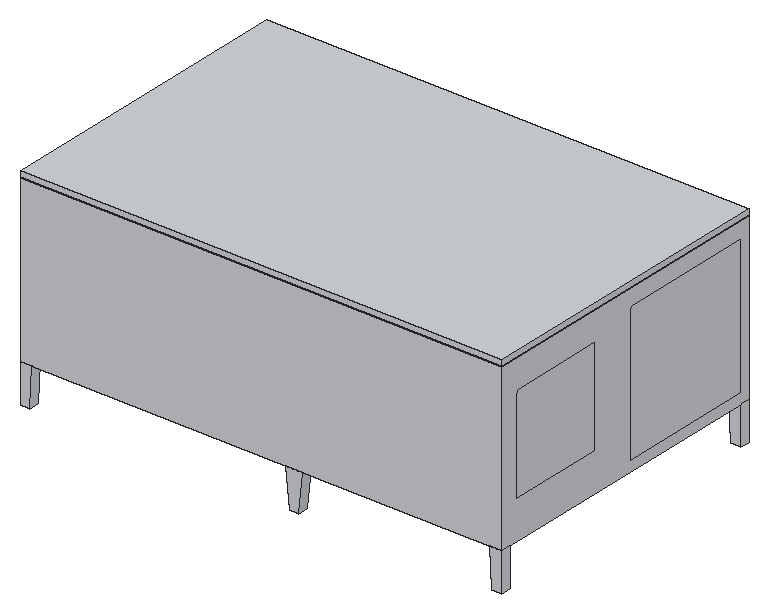
Revit family "AHU 1 _1", category Mechanické zařízení, Revit 2018
Family settings
  Kóta kulaté spojky = Použít průměr
  Typ dílu = Normální
  Číslo OmniClass = 23.75.00.00
  Nadpis OmniClass = Climate Control (HVAC)
  Založené na pracovní rovině = Ne
  Vždy vertikální = Ano
  Ořezat dutým tvarem při načtení = Ne
  Sdílené = Ne
  Bod výpočtu místnosti = Ne
Parameters (values of type "DUPLEXVENT 5000 Multi")
  Width [instance] = 1.6 mm
  Weight [instance] = 422.00 kg
  URL = ""
  Type [instance] = "DUPLEXVENT 5000 Multi"
  Total_SFP [instance] = 0
  Supply_outlet_hum [instance] = 90
  Supply_inlet_hum [instance] = 90
  Supply_ext_pressure [instance] = 0.0 Pa
  Supply_SFP [instance] = 0
  Source_adu_file [instance] = ""
  Recuperation_type [instance] = "Plate heat recovery exchanger"
  Recuperation_efficiency_EN308 [instance] = 0
  Project_name [instance] = ""
  Project_date [instance] = "9.8.2023"
  Power_supply_fusing [instance] = "0"
  Power_supply_cable [instance] = "0"
  Position [instance] = "AHU 1 "
  Phases_count [instance] = 3
  Panel_thickness [instance] = 0.06 mm
  Outer_surface [instance] = "RAL 9002"
  Length [instance] = 2.5 mm
  Insulation_type [instance] = "PUR"
  Insulation_thickness [instance] = 0.05 mm
  Installation_environment [instance] = ""
  Input_power_max [instance] = 6600 W
  Inner_surface [instance] = "Pozink"
  I2 [instance] = I1  # 0.0 L/s
  Height [instance] = 0.885 mm
  Exhaust_outlet_hum [instance] = 0
  Exhaust_inlet_hum [instance] = 40
  Exhaust_ext_pressure [instance] = 0.0 Pa
  Exhaust_SFP [instance] = 0
  E1 [instance] = E2 - M1  # 0.0 L/s
  E2 [instance] = 0.0 L/s
  I1 [instance] = 0.0 L/s
  Description = ""
  M1 [instance] = 0.0 L/s
  Device_dutypoint_version [instance] = "1"
  Device_design_version [instance] = "13"
  Device_adu_id [instance] = "1"
  Current_max [instance] = 10.8 A
  Casing_mat [instance] = "painted zinc layer"
  Cable type [instance] = "CYKY 5Jx2,5"
Reference planes
  plane 1 "Střed (vpředu/vzadu)": y = 0
  plane 2 "ref": z = 0
  plane 3 "Střed (vlevo/vpravo)": x = 0
Forms (mm)
  Sweep 1, solid
    path origin (0, 0, -855) x (0, 0, 1) y (1, 0, 0)
      loop
        line (0, 0) -> (855, 0)
    profile origin (0, 0, -855) x (1, 0, 0) y (0, 1, 0)
      loop
        line (0, 0) -> (2500, 0) -> (2500, 1600) -> (0, 1600) -> (0, 0)
  Sweep 2, solid
    path origin (0, 0, 0) x (0, 0, 1) y (1, 0, 0)
      loop
        line (0, 0) -> (30, 0)
    profile origin (0, 0, 0) x (1, 0, 0) y (0, 1, 0)
      loop
        line (0, 0) -> (2500, 0) -> (2500, 1600) -> (0, 1600) -> (0, 0)
  Sweep 3, solid
    path origin (1, 350, -405) x (0, 1, 0) y (-1, 0, 0)
      loop
        line (0, 0) -> (0, 1)
    profile origin (1, 350, -405) x (0, -1, 0) y (0, 0, 1)
      loop
        line (-250, 250) -> (-250, -250) -> (250, -250) -> (250, 250) -> (-250, 250)
  Sweep 4, solid
    path origin (2499, 1190, -445) x (1, 0, 0) y (0, 1, 0)
      loop
        line (0, 0) -> (1, 0)
    profile origin (2499, 1190, -445) x (0, 1, 0) y (0, 0, 1)
      loop
        line (355, 355) -> (-355, 355) -> (-355, -355) -> (355, -355) -> (355, 355)
  Sweep 5, solid
    path origin (2499, 350, -405) x (1, 0, 0) y (0, 1, 0)
      loop
        line (0, 0) -> (1, 0)
    profile origin (2499, 350, -405) x (0, 1, 0) y (0, 0, 1)
      loop
        line (250, 250) -> (-250, 250) -> (-250, -250) -> (250, -250) -> (250, 250)
  Sweep 6, solid
    path origin (1, 1190, -445) x (0, 1, 0) y (-1, 0, 0)
      loop
        line (0, 0) -> (0, 1)
    profile origin (1, 1190, -445) x (0, -1, 0) y (0, 0, 1)
      loop
        line (-355, 355) -> (-355, -355) -> (355, -355) -> (355, 355) -> (-355, 355)
  Sweep 7, solid
    path origin (504, 1508, -855) x (0, -1, 0) y (0, 0, 1)
      loop
        line (0, 0) -> (0, -150)
    profile origin (504, 1508, -855) x (-1, 0, 0) y (0, -1, 0)
      loop
        circle (0, 0) r 21
  Sweep 8, solid
    path origin (1308, 1508, -855) x (0, -1, 0) y (0, 0, 1)
      loop
        line (0, 0) -> (0, -150)
    profile origin (1308, 1508, -855) x (-1, 0, 0) y (0, -1, 0)
      loop
        circle (0, 0) r 21
  Sweep 9, solid
    path origin (0, 0, 5) x (0, 0, 1) y (1, 0, 0)
      loop
        line (0, 0) -> (25, 0)
    profile origin (0, 0, 5) x (1, 0, 0) y (0, 1, 0)
      loop
        line (0, 0) -> (2500, 0) -> (2500, 1600) -> (0, 1600) -> (0, 0)
  Sweep 10, solid
    path origin (25, 50, -855) x (1, 0, 0) y (0, 1, 0)
      loop
        line (0, 0) -> (0, -50)
    profile origin (25, 50, -855) x (1, 0, 0) y (0, 0, 1)
      loop
        line (-25, 0) -> (-25, -200) -> (25, -200) -> (35, 0) -> (-25, 0)
  Sweep 11, solid
    path origin (2475, 50, -855) x (1, 0, 0) y (0, 1, 0)
      loop
        line (0, 0) -> (0, -50)
    profile origin (2475, 50, -855) x (1, 0, 0) y (0, 0, 1)
      loop
        line (-35, 0) -> (-25, -200) -> (25, -200) -> (25, 0) -> (-35, 0)
  Sweep 12, solid
    path origin (25, 1600, -855) x (1, 0, 0) y (0, 1, 0)
      loop
        line (0, 0) -> (0, -50)
    profile origin (25, 1600, -855) x (1, 0, 0) y (0, 0, 1)
      loop
        line (-25, 0) -> (-25, -200) -> (25, -200) -> (35, 0) -> (-25, 0)
  Sweep 13, solid
    path origin (2475, 1600, -855) x (1, 0, 0) y (0, 1, 0)
      loop
        line (0, 0) -> (0, -50)
    profile origin (2475, 1600, -855) x (1, 0, 0) y (0, 0, 1)
      loop
        line (-35, 0) -> (-25, -200) -> (25, -200) -> (25, 0) -> (-35, 0)
  Sweep 14, solid
    path origin (1422, 50, -855) x (1, 0, 0) y (0, 1, 0)
      loop
        line (0, 0) -> (0, -50)
    profile origin (1422, 50, -855) x (1, 0, 0) y (0, 0, 1)
      loop
        line (-45, 0) -> (-25, -200) -> (25, -200) -> (45, 0) -> (-45, 0)
  Sweep 15, solid
    path origin (1162, 1600, -855) x (1, 0, 0) y (0, 1, 0)
      loop
        line (0, 0) -> (0, -50)
    profile origin (1162, 1600, -855) x (1, 0, 0) y (0, 0, 1)
      loop
        line (-45, 0) -> (-25, -200) -> (25, -200) -> (45, 0) -> (-45, 0)
  Sweep 16, solid
    path origin (1292, 830, -855) x (1, 0, 0) y (0, 1, 0)
      loop
        line (0, 0) -> (0, -50)
    profile origin (1292, 830, -855) x (1, 0, 0) y (0, 0, 1)
      loop
        line (-45, 0) -> (-25, -200) -> (25, -200) -> (45, 0) -> (-45, 0)
  Sweep 17, solid
    path origin (0, 0, -778) x (0, 0, 1) y (1, 0, 0)
      loop
        line (0, 0) -> (305, 0)
    profile origin (0, 0, -778) x (1, 0, 0) y (0, 1, 0)
      loop
        line (675, 1600) -> (1080, 1600) -> (1080, 1690) -> (675, 1690) -> (675, 1600)
  Sweep 18, solid
    path origin (675, 1645, -625) x (0, 0, -1) y (1, 0, 0)
      loop
        line (0, 0) -> (0, -1)
    profile origin (675, 1645, -625) x (0, 0, -1) y (0, -1, 0)
      loop
        circle (0, 0) r 10
Lines and regions (mm)
  model lines, style "Symbol"
    curve 1: line (1025, 0, 30) -> (1025, 320, 30)
    curve 2: line (1025, 1600, 30) -> (1025, 1280, 30)
    curve 3: line (0, 800, 30) -> (545, 800, 30)
    curve 4: line (2500, 800, 30) -> (1505, 800, 30)
    curve 5: line (545, 800, 30) -> (785, 1280, 30)
    curve 6: line (785, 1280, 30) -> (1265, 1280, 30)
    curve 7: line (1265, 1280, 30) -> (1505, 800, 30)
    curve 8: line (1505, 800, 30) -> (1265, 320, 30)
    curve 9: line (1265, 320, 30) -> (1025, 320, 30)
    curve 10: line (1025, 320, 30) -> (785, 320, 30)
    curve 11: line (785, 320, 30) -> (545, 800, 30)
    curve 12: line (2148, 1314, 30) -> (2404, 1270, 30)
    curve 13: line (2148, 1086, 30) -> (2404, 1130, 30)
    curve 14: line (352, 1086, 30) -> (96, 1130, 30)
    curve 15: line (352, 1314, 30) -> (96, 1270, 30)
    curve 16: line (50, 160, 30) -> (50, 640, 30)
    curve 17: line (50, 640, 30) -> (200, 640, 30)
    curve 18: line (200, 640, 30) -> (200, 160, 30)
    curve 19: line (200, 160, 30) -> (50, 160, 30)
    curve 20: line (125, 160, 30) -> (200, 400, 30)
    curve 21: line (125, 640, 30) -> (200, 400, 30)
    curve 22: line (2450, 640, 30) -> (2450, 160, 30)
    curve 23: line (2450, 160, 30) -> (2300, 160, 30)
    curve 24: line (2300, 160, 30) -> (2300, 640, 30)
    curve 25: line (2300, 640, 30) -> (2450, 640, 30)
    curve 26: line (2375, 640, 30) -> (2300, 400, 30)
    curve 27: line (2375, 160, 30) -> (2300, 400, 30)
    curve 28: line (698, 280, 30) -> (480, 708, 30)
    curve 29: line (480, 708, 30) -> (552, 744, 30)
    curve 30: line (552, 744, 30) -> (770, 316, 30)
    curve 31: line (770, 316, 30) -> (698, 280, 30)
    curve 32: line (567, 554, 30) -> (595, 641, 30)
    curve 33: line (655, 383, 30) -> (683, 470, 30)
    curve 34: line (476, 1508, -855) -> (532, 1508, -855)
    curve 35: line (504, 1480, -855) -> (504, 1536, -855)
    curve 36: line (1280, 1508, -855) -> (1336, 1508, -855)
    curve 37: line (1308, 1480, -855) -> (1308, 1536, -855)
    curve 38: line (0, 0, 1330) -> (0, 0, 30)
    curve 39: line (2500, 0, 1330) -> (2500, 0, 30)
    curve 40: line (0, 0, 1330) -> (2500, 0, 1330)
    curve 41: line (0, 1600, 1330) -> (0, 1600, 30)
    curve 42: line (2500, 1600, 1330) -> (2500, 1600, 30)
    curve 43: line (0, 1600, 1330) -> (2500, 1600, 1330)
    curve 44: line (0, 0, 1330) -> (0, 1600, 1330)
    curve 45: line (2500, 0, 1330) -> (2500, 1600, 1330)
    curve 46: line (0, 1400, 1330) -> (200, 1600, 1330)
    curve 47: line (0, 1200, 1330) -> (400, 1600, 1330)
    curve 48: line (0, 1000, 1330) -> (600, 1600, 1330)
    curve 49: line (0, 800, 1330) -> (800, 1600, 1330)
    curve 50: line (0, 600, 1330) -> (1000, 1600, 1330)
    curve 51: line (0, 400, 1330) -> (1200, 1600, 1330)
    curve 52: line (0, 200, 1330) -> (1400, 1600, 1330)
    curve 53: line (0, 0, 1330) -> (1600, 1600, 1330)
    curve 54: line (200, 0, 1330) -> (1800, 1600, 1330)
    curve 55: line (400, 0, 1330) -> (2000, 1600, 1330)
    curve 56: line (600, 0, 1330) -> (2200, 1600, 1330)
    curve 57: line (800, 0, 1330) -> (2400, 1600, 1330)
    curve 58: line (1000, 0, 1330) -> (2500, 1500, 1330)
    curve 59: line (1200, 0, 1330) -> (2500, 1300, 1330)
    curve 60: line (1400, 0, 1330) -> (2500, 1100, 1330)
    curve 61: line (1600, 0, 1330) -> (2500, 900, 1330)
    curve 62: line (1800, 0, 1330) -> (2500, 700, 1330)
    curve 63: line (2000, 0, 1330) -> (2500, 500, 1330)
    curve 64: line (2200, 0, 1330) -> (2500, 300, 1330)
    curve 65: line (2400, 0, 1330) -> (2500, 100, 1330)
    curve 66: line (2500, 1400, 1330) -> (2500, 1600, 1130)
    curve 67: line (2500, 1200, 1330) -> (2500, 1600, 930)
    curve 68: line (2500, 1000, 1330) -> (2500, 1600, 730)
    curve 69: line (2500, 800, 1330) -> (2500, 1600, 530)
    curve 70: line (2500, 600, 1330) -> (2500, 1600, 330)
    curve 71: line (2500, 400, 1330) -> (2500, 1600, 130)
    curve 72: line (2500, 200, 1330) -> (2500, 1500, 30)
    curve 73: line (2500, 0, 1330) -> (2500, 1300, 30)
    curve 74: line (2500, 0, 1130) -> (2500, 1100, 30)
    curve 75: line (2500, 0, 930) -> (2500, 900, 30)
    curve 76: line (2500, 0, 730) -> (2500, 700, 30)
    curve 77: line (2500, 0, 530) -> (2500, 500, 30)
    curve 78: line (2500, 0, 330) -> (2500, 300, 30)
    curve 79: line (2500, 0, 130) -> (2500, 100, 30)
    curve 80: line (0, 1600, 1130) -> (200, 1600, 1330)
    curve 81: line (0, 1600, 930) -> (400, 1600, 1330)
    curve 82: line (0, 1600, 730) -> (600, 1600, 1330)
    curve 83: line (0, 1600, 530) -> (800, 1600, 1330)
    curve 84: line (0, 1600, 330) -> (1000, 1600, 1330)
    curve 85: line (0, 1600, 130) -> (1200, 1600, 1330)
    curve 86: line (100, 1600, 30) -> (1400, 1600, 1330)
    curve 87: line (300, 1600, 30) -> (1600, 1600, 1330)
    curve 88: line (500, 1600, 30) -> (1800, 1600, 1330)
    curve 89: line (700, 1600, 30) -> (2000, 1600, 1330)
    curve 90: line (900, 1600, 30) -> (2200, 1600, 1330)
    curve 91: line (1100, 1600, 30) -> (2400, 1600, 1330)
    curve 92: line (1300, 1600, 30) -> (2500, 1600, 1230)
    curve 93: line (1500, 1600, 30) -> (2500, 1600, 1030)
    curve 94: line (1700, 1600, 30) -> (2500, 1600, 830)
    curve 95: line (1900, 1600, 30) -> (2500, 1600, 630)
    curve 96: line (2100, 1600, 30) -> (2500, 1600, 430)
    curve 97: line (2300, 1600, 30) -> (2500, 1600, 230)
    curve 98: line (0, 2320, 0) -> (0, 1600, 0)
    curve 99: line (2500, 2320, 0) -> (2500, 1600, 0)
    curve 100: line (0, 2320, 0) -> (2500, 2320, 0)
    curve 101: line (0, 2320, -855) -> (0, 1600, -855)
    curve 102: line (2500, 2320, -855) -> (2500, 1600, -855)
    curve 103: line (0, 2320, -855) -> (2500, 2320, -855)
    curve 104: line (0, 2320, 0) -> (0, 2320, -855)
    curve 105: line (2500, 2320, 0) -> (2500, 2320, -855)
    curve 106: line (0, 2320, -655) -> (200, 2320, -855)
    curve 107: line (0, 2320, -455) -> (400, 2320, -855)
    curve 108: line (0, 2320, -255) -> (600, 2320, -855)
    curve 109: line (0, 2320, -55) -> (800, 2320, -855)
    curve 110: line (145, 2320, 0) -> (1000, 2320, -855)
    curve 111: line (345, 2320, 0) -> (1200, 2320, -855)
    curve 112: line (545, 2320, 0) -> (1400, 2320, -855)
    curve 113: line (745, 2320, 0) -> (1600, 2320, -855)
    curve 114: line (945, 2320, 0) -> (1800, 2320, -855)
    curve 115: line (1145, 2320, 0) -> (2000, 2320, -855)
    curve 116: line (1345, 2320, 0) -> (2200, 2320, -855)
    curve 117: line (1545, 2320, 0) -> (2400, 2320, -855)
    curve 118: line (1745, 2320, 0) -> (2500, 2320, -755)
    curve 119: line (1945, 2320, 0) -> (2500, 2320, -555)
    curve 120: line (2145, 2320, 0) -> (2500, 2320, -355)
    curve 121: line (2345, 2320, 0) -> (2500, 2320, -155)
    curve 122: line (2500, 2320, -655) -> (2500, 2120, -855)
    curve 123: line (2500, 2320, -455) -> (2500, 1920, -855)
    curve 124: line (2500, 2320, -255) -> (2500, 1720, -855)
    curve 125: line (2500, 2320, -55) -> (2500, 1600, -775)
    curve 126: line (2500, 2175, 0) -> (2500, 1600, -575)
    curve 127: line (2500, 1975, 0) -> (2500, 1600, -375)
    curve 128: line (2500, 1775, 0) -> (2500, 1600, -175)
    curve 129: line (0, 2120, -855) -> (200, 2320, -855)
    curve 130: line (0, 1920, -855) -> (400, 2320, -855)
    curve 131: line (0, 1720, -855) -> (600, 2320, -855)
    curve 132: line (80, 1600, -855) -> (800, 2320, -855)
    curve 133: line (280, 1600, -855) -> (1000, 2320, -855)
    curve 134: line (480, 1600, -855) -> (1200, 2320, -855)
    curve 135: line (680, 1600, -855) -> (1400, 2320, -855)
    curve 136: line (880, 1600, -855) -> (1600, 2320, -855)
    curve 137: line (1080, 1600, -855) -> (1800, 2320, -855)
    curve 138: line (1280, 1600, -855) -> (2000, 2320, -855)
    curve 139: line (1480, 1600, -855) -> (2200, 2320, -855)
    curve 140: line (1680, 1600, -855) -> (2400, 2320, -855)
    curve 141: line (1880, 1600, -855) -> (2500, 2220, -855)
    curve 142: line (2080, 1600, -855) -> (2500, 2020, -855)
    curve 143: line (2280, 1600, -855) -> (2500, 1820, -855)
    curve 144: line (2480, 1600, -855) -> (2500, 1620, -855)
    curve 145: line (2500, 0, -1055) -> (2500, 0, -855)
    curve 146: line (0, 0, -1055) -> (0, 0, -855)
    curve 147: line (2500, 0, -1055) -> (0, 0, -1055)
    curve 148: line (2500, 1600, -1055) -> (2500, 1600, -855)
    curve 149: line (0, 1600, -1055) -> (0, 1600, -855)
    curve 150: line (2500, 1600, -1055) -> (0, 1600, -1055)
    curve 151: line (2500, 0, -1055) -> (2500, 1600, -1055)
    curve 152: line (0, 0, -1055) -> (0, 1600, -1055)
    curve 153: line (2500, 1400, -1055) -> (2300, 1600, -1055)
    curve 154: line (2500, 1200, -1055) -> (2100, 1600, -1055)
    curve 155: line (2500, 1000, -1055) -> (1900, 1600, -1055)
    curve 156: line (2500, 800, -1055) -> (1700, 1600, -1055)
    curve 157: line (2500, 600, -1055) -> (1500, 1600, -1055)
    curve 158: line (2500, 400, -1055) -> (1300, 1600, -1055)
    curve 159: line (2500, 200, -1055) -> (1100, 1600, -1055)
    curve 160: line (2500, 0, -1055) -> (900, 1600, -1055)
    curve 161: line (2300, 0, -1055) -> (700, 1600, -1055)
    curve 162: line (2100, 0, -1055) -> (500, 1600, -1055)
    curve 163: line (1900, 0, -1055) -> (300, 1600, -1055)
    curve 164: line (1700, 0, -1055) -> (100, 1600, -1055)
    curve 165: line (1500, 0, -1055) -> (0, 1500, -1055)
    curve 166: line (1300, 0, -1055) -> (0, 1300, -1055)
    curve 167: line (1100, 0, -1055) -> (0, 1100, -1055)
    curve 168: line (900, 0, -1055) -> (0, 900, -1055)
    curve 169: line (700, 0, -1055) -> (0, 700, -1055)
    curve 170: line (500, 0, -1055) -> (0, 500, -1055)
    curve 171: line (300, 0, -1055) -> (0, 300, -1055)
    curve 172: line (100, 0, -1055) -> (0, 100, -1055)
    curve 173: line (0, 1400, -1055) -> (0, 1600, -855)
    curve 174: line (0, 1200, -1055) -> (0, 1400, -855)
    curve 175: line (0, 1000, -1055) -> (0, 1200, -855)
    curve 176: line (0, 800, -1055) -> (0, 1000, -855)
    curve 177: line (0, 600, -1055) -> (0, 800, -855)
    curve 178: line (0, 400, -1055) -> (0, 600, -855)
    curve 179: line (0, 200, -1055) -> (0, 400, -855)
    curve 180: line (0, 0, -1055) -> (0, 200, -855)
    curve 181: line (2500, 1600, -855) -> (2300, 1600, -1055)
    curve 182: line (2300, 1600, -855) -> (2100, 1600, -1055)
    curve 183: line (2100, 1600, -855) -> (1900, 1600, -1055)
    curve 184: line (1900, 1600, -855) -> (1700, 1600, -1055)
    curve 185: line (1700, 1600, -855) -> (1500, 1600, -1055)
    curve 186: line (1500, 1600, -855) -> (1300, 1600, -1055)
    curve 187: line (1300, 1600, -855) -> (1100, 1600, -1055)
    curve 188: line (1100, 1600, -855) -> (900, 1600, -1055)
    curve 189: line (900, 1600, -855) -> (700, 1600, -1055)
    curve 190: line (700, 1600, -855) -> (500, 1600, -1055)
    curve 191: line (500, 1600, -855) -> (300, 1600, -1055)
    curve 192: line (300, 1600, -855) -> (100, 1600, -1055)
    curve 193: line (100, 1600, -855) -> (0, 1600, -955)
    curve 194: line (0, 0, 30) -> (0, 1600, 30)
    curve 195: line (0, 1600, 30) -> (1120, 1600, 30)
    curve 196: line (1120, 1600, 30) -> (1120, 0, 30)
    curve 197: line (1120, 0, 30) -> (0, 0, 30)
    curve 198: line (1380, 0, 30) -> (1380, 1600, 30)
    curve 199: line (1380, 1600, 30) -> (2500, 1600, 30)
    curve 200: line (2500, 1600, 30) -> (2500, 0, 30)
    curve 201: line (2500, 0, 30) -> (1380, 0, 30)
    curve 202: line (0, 0, 30) -> (2500, 0, 30)
    curve 203: line (0, 1600, 30) -> (2500, 1600, 30)
    curve 204: line (0, 0, 30) -> (0, 1600, 30)
    curve 205: line (2500, 0, 30) -> (2500, 1600, 30)
    curve 206: line (0, 0, 30) -> (0, 0, 5)
    curve 207: line (2500, 0, 30) -> (2500, 0, 5)
    curve 208: line (0, 1600, 30) -> (0, 1600, 5)
    curve 209: line (2500, 1600, 30) -> (2500, 1600, 5)
    curve 210: circle (2260, 1200, 30) r 160 normal (0, 0, 1)
    curve 211: circle (240, 1200, 30) r 160 normal (0, 0, 1)
    curve 212: circle (581, 598, 30) r 12 normal (0, 0, 1)
    curve 213: circle (669, 426, 30) r 12 normal (0, 0, 1)
    curve 214: circle (504, 1508, -855) r 21 normal (0, 0, 1)
    curve 215: circle (1308, 1508, -855) r 21 normal (0, 0, 1)
Dimensions and locks
  aligned and locked: level to plane 2 "ref"
Connectors
  hvac at (0, 350, -405), driven by "E1"
    settings: on Sweep 3, index 1, duct flow 0.0 L/s, flow factor 0, pres drop 0.0 Pa, loss coef 0, conn angle 0.00°, conn width 500 mm, conn height 500 mm, conn diameter 609.6 mm, duct sys type 1, conn prof type 1, flow config 1, flow direction 1, loss method 0, conn ref index -1, conn util no, is conn primary yes, conn desc ""
  hvac at (2500, 1190, -445), driven by "E2"
    settings: on Sweep 4, index 2, duct flow 0.0 L/s, flow factor 1, pres drop 0.0 Pa, loss coef 0, conn angle 0.00°, conn width 710 mm, conn height 710 mm, conn diameter 609.6 mm, duct sys type 1, conn prof type 1, flow config 2, flow direction 2, loss method 0, conn ref index -1, conn util no, is conn primary no, conn desc ""
  hvac at (2500, 350, -405), driven by "I1"
    settings: on Sweep 5, index 3, duct flow 0.0 L/s, flow factor 1, pres drop 0.0 Pa, loss coef 0, conn angle 0.00°, conn width 500 mm, conn height 500 mm, conn diameter 609.6 mm, duct sys type 3, conn prof type 1, flow config 2, flow direction 1, loss method 0, conn ref index -1, conn util no, is conn primary no, conn desc ""
  hvac at (0, 1190, -445), driven by "I2"
    settings: on Sweep 6, index 4, duct flow 0.0 L/s, flow factor 0, pres drop 0.0 Pa, loss coef 0, conn angle 0.00°, conn width 710 mm, conn height 710 mm, conn diameter 609.6 mm, duct sys type 3, conn prof type 1, flow config 1, flow direction 2, loss method 0, conn ref index -1, conn util no, is conn primary no, conn desc ""
  piping at (504, 1508, -1005), diameter 40
    settings: on Sweep 7, index 5, connector inside diameter 609.6 mm, connector length 0 mm, flow factor 0, pipe flow 0.0 L/s, pressure drop 0.0 Pa, fitting loss kfactor 0, connector angle 0.00°, fixture units 0, engagement length 0 mm, angle of deflection 0.00°, flow configuration 1, flow direction 2, fitting loss method 0, system type 16, joint type 0, gender type 0, connector reference index -1, connector utility 0, adjustable connector no, is connector primary yes, connector description ""
  piping at (1308, 1508, -1005), diameter 40
    settings: on Sweep 8, index 6, connector inside diameter 609.6 mm, connector length 0 mm, flow factor 0, pipe flow 0.0 L/s, pressure drop 0.0 Pa, fitting loss kfactor 0, connector angle 0.00°, fixture units 0, engagement length 0 mm, angle of deflection 0.00°, flow configuration 1, flow direction 2, fitting loss method 0, system type 16, joint type 0, gender type 0, connector reference index -1, connector utility 0, adjustable connector no, is connector primary no, connector description ""
  electrical at (674, 1645, -625)
    settings: on Sweep 18, index 7, voltage 400 V, apparent load 0 VA, apparent load phase1 0 VA, apparent load phase2 0 VA, apparent load phase3 0 VA, power factor 1, load classification "Další", number of poles 3, system type 31, power factor state 1, is connector primary yes, connector utility no, sub classification motor no, connector description ""
